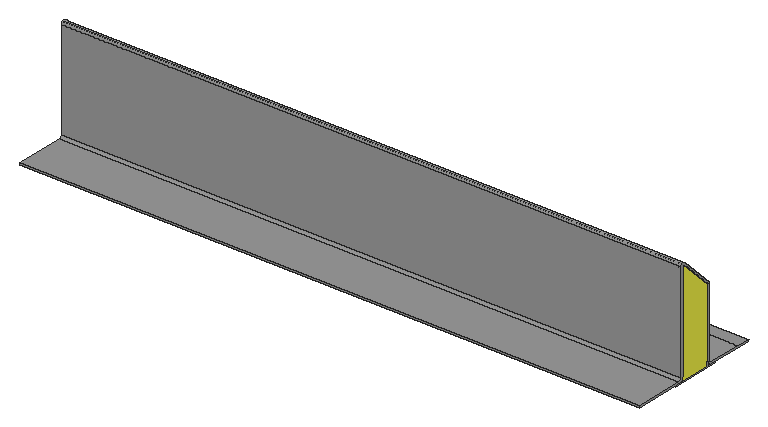
Revit family "XHD K 70", category Generic Models, Revit 2014
Parameters (values of type "Max lintel length 2700mm")
  URL = "http://www.keystonelintels.co.uk"
  Structural Opening [instance] = 900 mm
  Structural Performance = "The Keystone lintel range has safe working loads as detailed in each applicable loading table in the Keystone Lintel Guide brochure. The structural performance figures within each table have been ascertained by testing in accordance with the requirements of standards BS EN 5977-2: 1983 and BS EN 845-2: 2003."
  RIBA Productor Selector = "available for Keystone Lintels Ltd from Keystone Lintels Ltd from ribaproductselector.com"
  Model = "XHD/K 70"
  Min Length = 600 mm
  Min Clear Span = 300 mm
  Max Length = 2700 mm
  Max Clear Span = 2700 mm
  Material - Stainless Steel = "Grade 304 2b 1.4307 to BS EN 10088-2. Other grades available on request: contact manufacturer."
  Material - Galvanised Steel = "To BS EN 10346: 2009. DX51D plus Z600 or grade Z275 to BS 5977-2: 1983 (BS EN 845-2: 2003)."
  Manufacturer = "Keystone"
  Manufactured Length [instance] = (roundup(Effective Length / 150 mm) * 150 mm)  # 1200 mm
  Lintel height [instance] = 2100 mm
  Keynote = "F30/755"
  Fire Performance = "Keystone lintels have been subjected to a fire test (WARRES No. 101263) in accordance with BS 476-20: 1987, at Exova Warrington Fire and achieved a one hour fire performance."
  End Bearing = 150 mm
  Effective Length [instance] = Clear Opening with MIN MAX set + End Bearing * 2  # 1200 mm
  Corrosion = "Keystone’s standard range of lintels are manufactured from high quality grade pre-galvanized carbon steel with a zinc coating of 600"
  Contact Tel = "+44 (0)28 8676 2184"
  Contact Email = "info@keystonelintels.co.uk"
  Clear Opening with MIN MAX set [instance] = if(Structural Opening < Min Clear Span, Min Clear Span, (if(Structural Opening > Max Clear Span, Max Clear Span, Structural Opening)))  # 900 mm
  CPD Information = "Available for Keystone Lintels Ltd from ribacpd.com"
Reference planes
  plane 1 "Center (Front/Back)": y = 0
  plane 2: z = 0
  plane 3 "Center (Left/Right)": x = 0
  plane 4: x = -600
  plane 5: x = 600
  plane 6: z = 2100
  plane 7: x = -450
  plane 8: x = 450
Forms (mm)
  Extrusion 1, solid, material "Steel"
    sketch origin (0, 713.071, -508.221) x (0, 1, 0) y (0, 0, 1)
      loop
        line (-610.545, 2608.221) -> (-585.603, 2607.309) -> (-585.486, 2610.506) -> (-610.486, 2611.421) -> (-675.486, 2611.421)
        arc (-675.486, 2611.421) -> (-679.022, 2612.886) -> (-680.486, 2616.421) r 5
        line (-680.486, 2616.421) -> (-680.486, 2750.375)
        arc (-680.486, 2750.375) -> (-680.881, 2752.363) -> (-682.007, 2754.049) r 5.2
        line (-682.007, 2754.049) -> (-739.607, 2811.735)
        arc (-739.607, 2811.735) -> (-745.274, 2812.866) -> (-748.486, 2808.061) r 5.2
        line (-748.486, 2808.061) -> (-748.486, 2616.421)
        arc (-748.486, 2616.421) -> (-749.951, 2612.886) -> (-753.486, 2611.421) r 5
        line (-753.486, 2611.421) -> (-848.486, 2611.421) -> (-848.486, 2608.221) -> (-753.486, 2608.221)
        arc (-753.486, 2608.221) -> (-747.688, 2610.623) -> (-745.286, 2616.421) r 8.2
        line (-745.286, 2616.421) -> (-745.286, 2808.061)
        arc (-745.286, 2808.061) -> (-744.051, 2809.909) -> (-741.871, 2809.474) r 2
        line (-741.871, 2809.474) -> (-684.271, 2751.788)
        arc (-684.271, 2751.788) -> (-683.838, 2751.14) -> (-683.686, 2750.375) r 2
        line (-683.686, 2750.375) -> (-683.686, 2616.421)
        arc (-683.686, 2616.421) -> (-681.284, 2610.623) -> (-675.486, 2608.221) r 8.2
        line (-675.486, 2608.221) -> (-610.545, 2608.221)
    from -600 to 600
  Extrusion 2, solid, material "Steel"
    sketch origin (0, 713.071, -508.221) x (0, 1, 0) y (0, 0, 1)
      loop
        line (-666.986, 2607.221) -> (-666.986, 2608.221) -> (-683.986, 2608.221) -> (-683.986, 2616.221) -> (-684.986, 2616.221) -> (-684.986, 2608.221) -> (-761.986, 2608.221) -> (-761.986, 2607.221) -> (-666.986, 2607.221)
    from -600 to 600
  Extrusion 3, solid, material "Insulation"
    sketch origin (0, 713.071, -508.221) x (0, 1, 0) y (0, 0, 1)
      loop
        line (-683.686, 2616.421) -> (-683.686, 2750.375)
        arc (-683.686, 2750.375) -> (-683.838, 2751.14) -> (-684.271, 2751.788) r 2
        line (-684.271, 2751.788) -> (-741.871, 2809.474)
        arc (-741.871, 2809.474) -> (-744.051, 2809.909) -> (-745.286, 2808.061) r 2
        line (-745.286, 2808.061) -> (-745.286, 2616.421)
        arc (-745.286, 2616.421) -> (-747.688, 2610.623) -> (-753.486, 2608.221) r 8.2
        line (-753.486, 2608.221) -> (-684.986, 2608.221) -> (-684.986, 2616.221) -> (-683.986, 2616.221) -> (-683.986, 2608.221) -> (-675.486, 2608.221)
        arc (-675.486, 2608.221) -> (-681.284, 2610.623) -> (-683.686, 2616.421) r 8.2
    from -600 to 600
  Extrusion 4, solid, not visible
    sketch origin (0, 1023.531, 1265.33) x (0, 1, 0) y (0, 0, 1)
      loop
        line (-610.545, 1008.221) -> (-585.603, 1007.309) -> (-585.486, 1010.506) -> (-610.486, 1011.421) -> (-675.486, 1011.421)
        arc (-675.486, 1011.421) -> (-679.022, 1012.886) -> (-680.486, 1016.421) r 5
        line (-680.486, 1016.421) -> (-680.486, 1150.375)
        arc (-680.486, 1150.375) -> (-680.881, 1152.363) -> (-682.007, 1154.049) r 5.2
        line (-682.007, 1154.049) -> (-739.607, 1211.735)
        arc (-739.607, 1211.735) -> (-745.274, 1212.866) -> (-748.486, 1208.061) r 5.2
        line (-748.486, 1208.061) -> (-748.486, 1016.421)
        arc (-748.486, 1016.421) -> (-749.951, 1012.886) -> (-753.486, 1011.421) r 5
        line (-753.486, 1011.421) -> (-848.486, 1011.421) -> (-848.486, 1008.221) -> (-753.486, 1008.221)
        arc (-753.486, 1008.221) -> (-747.688, 1010.623) -> (-745.286, 1016.421) r 8.2
        line (-745.286, 1016.421) -> (-745.286, 1208.061)
        arc (-745.286, 1208.061) -> (-744.051, 1209.909) -> (-741.871, 1209.474) r 2
        line (-741.871, 1209.474) -> (-684.271, 1151.788)
        arc (-684.271, 1151.788) -> (-683.838, 1151.14) -> (-683.686, 1150.375) r 2
        line (-683.686, 1150.375) -> (-683.686, 1016.421)
        arc (-683.686, 1016.421) -> (-681.284, 1010.623) -> (-675.486, 1008.221) r 8.2
        line (-675.486, 1008.221) -> (-610.545, 1008.221)
    from 0 to 250
  Extrusion 5, solid, not visible
    sketch origin (0, 571.521, 1198.597) x (0, 1, 0) y (0, 0, 1)
      loop
        line (-666.986, 1007.221) -> (-666.986, 1008.221) -> (-683.986, 1008.221) -> (-683.986, 1016.221) -> (-684.986, 1016.221) -> (-684.986, 1008.221) -> (-761.986, 1008.221) -> (-761.986, 1007.221) -> (-666.986, 1007.221)
    from 0 to 250
  Extrusion 6, solid, not visible
    sketch origin (0, 912.252, 724.097) x (0, 1, 0) y (0, 0, 1)
      loop
        line (-683.686, 1016.421) -> (-683.686, 1150.375)
        arc (-683.686, 1150.375) -> (-683.838, 1151.14) -> (-684.271, 1151.788) r 2
        line (-684.271, 1151.788) -> (-741.871, 1209.474)
        arc (-741.871, 1209.474) -> (-744.051, 1209.909) -> (-745.286, 1208.061) r 2
        line (-745.286, 1208.061) -> (-745.286, 1016.421)
        arc (-745.286, 1016.421) -> (-747.688, 1010.623) -> (-753.486, 1008.221) r 8.2
        line (-753.486, 1008.221) -> (-684.986, 1008.221) -> (-684.986, 1016.221) -> (-683.986, 1016.221) -> (-683.986, 1008.221) -> (-675.486, 1008.221)
        arc (-675.486, 1008.221) -> (-681.284, 1010.623) -> (-683.686, 1016.421) r 8.2
    from 0 to 250
Dimensions and locks
  equal spacing: plane 4, plane 3 "Center (Left/Right)", plane 5
  "Manufactured Length": plane 4 to plane 5
  "Lintel height": plane 6 to level
  "Structural Opening": plane 7 to plane 8
  equal spacing: plane 7, plane 3 "Center (Left/Right)", plane 8
  aligned and locked: level to plane 2
  aligned and locked: Extrusion 1 to plane 6
  aligned and locked: Extrusion 3 to plane 6
  aligned and locked: plane 6 to Extrusion 2
  aligned and locked: plane 5 to Extrusion 1
  aligned and locked: Extrusion 1 to plane 4
  aligned and locked: plane 5 to Extrusion 3
  aligned and locked: Extrusion 3 to plane 4
  aligned and locked: plane 5 to Extrusion 2
  aligned and locked: Extrusion 2 to plane 4
Automatic sketch dimensions
  Extrusion 1 sketch curve to Extrusion 1 sketch curve = 64.941 mm
  Extrusion 1 sketch curve to Extrusion 1 sketch curve = 24.941 mm
  Extrusion 1 sketch curve to Extrusion 1 sketch curve = 0.913 mm
  Extrusion 1 sketch curve to Extrusion 1 sketch curve = 0.117 mm
  Extrusion 1 sketch curve to Extrusion 1 sketch curve = 0.059 mm
  Extrusion 1 sketch curve to Extrusion 1 sketch curve = 5 mm  (x2)
  Extrusion 1 sketch curve to Extrusion 1 sketch curve = 133.954 mm
  Extrusion 1 sketch curve to Extrusion 1 sketch curve = 2 mm
  Extrusion 1 sketch curve to Extrusion 1 sketch curve = 0.585 mm
  Extrusion 1 sketch curve to Extrusion 1 sketch curve = 57.6 mm
  Extrusion 1 sketch curve to Extrusion 1 sketch curve = 57.686 mm
  Extrusion 1 sketch curve to Extrusion 1 sketch curve = 2.264 mm  (x2)
  Extrusion 1 sketch curve to Extrusion 1 sketch curve = 2.261 mm
  Extrusion 1 sketch curve to Extrusion 1 sketch curve = 1.415 mm
  Extrusion 1 sketch curve to Extrusion 1 sketch curve = 1.413 mm
  Extrusion 1 sketch curve to Extrusion 1 sketch curve = 0 mm  (x17)
  Extrusion 1 sketch curve to Extrusion 1 sketch curve = 95 mm
  Extrusion 2 sketch curve to Extrusion 2 sketch curve = 95 mm
  Extrusion 2 sketch curve to Extrusion 2 sketch curve = 1 mm  (x2)
  Extrusion 2 sketch curve to Extrusion 2 sketch curve = 17 mm
  Extrusion 2 sketch curve to Extrusion 2 sketch curve = 8 mm
  Extrusion 2 sketch curve to Extrusion 2 sketch curve = 0 mm
  Extrusion 3 sketch curve to Extrusion 3 sketch curve = 8.2 mm  (x3)
  Extrusion 3 sketch curve to Extrusion 3 sketch curve = 0.3 mm
  Extrusion 3 sketch curve to Extrusion 3 sketch curve = 0 mm  (x3)
  Extrusion 3 sketch curve to Extrusion 3 sketch curve = 0.2 mm
  Extrusion 3 sketch curve to Extrusion 3 sketch curve = 1 mm
  Extrusion 3 sketch curve to Extrusion 3 sketch curve = 133.954 mm
  Extrusion 3 sketch curve to Extrusion 3 sketch curve = 68.5 mm
  Extrusion 3 sketch curve to Extrusion 3 sketch curve = 57.686 mm
  Extrusion 3 sketch curve to Extrusion 3 sketch curve = 2 mm
  Extrusion 3 sketch curve to Extrusion 3 sketch curve = 0.585 mm
  Extrusion 3 sketch curve to Extrusion 3 sketch curve = 3.415 mm
  Extrusion 3 sketch curve to Extrusion 3 sketch curve = 1.413 mm
  Extrusion 3 sketch curve to Extrusion 3 sketch curve = 8 mm
  Extrusion 4 sketch curve to Extrusion 4 sketch curve = 64.941 mm
  Extrusion 4 sketch curve to Extrusion 4 sketch curve = 24.941 mm
  Extrusion 4 sketch curve to Extrusion 4 sketch curve = 0.913 mm
  Extrusion 4 sketch curve to Extrusion 4 sketch curve = 0.117 mm
  Extrusion 4 sketch curve to Extrusion 4 sketch curve = 0.059 mm
  Extrusion 4 sketch curve to Extrusion 4 sketch curve = 5 mm  (x2)
  Extrusion 4 sketch curve to Extrusion 4 sketch curve = 0 mm  (x17)
  Extrusion 4 sketch curve to Extrusion 4 sketch curve = 133.954 mm
  Extrusion 4 sketch curve to Extrusion 4 sketch curve = 2 mm
  Extrusion 4 sketch curve to Extrusion 4 sketch curve = 0.585 mm
  Extrusion 4 sketch curve to Extrusion 4 sketch curve = 57.6 mm
  Extrusion 4 sketch curve to Extrusion 4 sketch curve = 57.686 mm
  Extrusion 4 sketch curve to Extrusion 4 sketch curve = 2.264 mm  (x2)
  Extrusion 4 sketch curve to Extrusion 4 sketch curve = 2.261 mm
  Extrusion 4 sketch curve to Extrusion 4 sketch curve = 1.415 mm
  Extrusion 4 sketch curve to Extrusion 4 sketch curve = 1.413 mm
  Extrusion 4 sketch curve to Extrusion 4 sketch curve = 95 mm
  Extrusion 5 sketch curve to Extrusion 5 sketch curve = 95 mm
  Extrusion 5 sketch curve to Extrusion 5 sketch curve = 1 mm  (x2)
  Extrusion 5 sketch curve to Extrusion 5 sketch curve = 17 mm
  Extrusion 5 sketch curve to Extrusion 5 sketch curve = 8 mm
  Extrusion 5 sketch curve to Extrusion 5 sketch curve = 0 mm
  Extrusion 6 sketch curve to Extrusion 6 sketch curve = 8.2 mm  (x3)
  Extrusion 6 sketch curve to Extrusion 6 sketch curve = 0.3 mm
  Extrusion 6 sketch curve to Extrusion 6 sketch curve = 0 mm  (x3)
  Extrusion 6 sketch curve to Extrusion 6 sketch curve = 0.2 mm
  Extrusion 6 sketch curve to Extrusion 6 sketch curve = 1 mm
  Extrusion 6 sketch curve to Extrusion 6 sketch curve = 133.954 mm
  Extrusion 6 sketch curve to Extrusion 6 sketch curve = 68.5 mm
  Extrusion 6 sketch curve to Extrusion 6 sketch curve = 57.686 mm
  Extrusion 6 sketch curve to Extrusion 6 sketch curve = 2 mm
  Extrusion 6 sketch curve to Extrusion 6 sketch curve = 0.585 mm
  Extrusion 6 sketch curve to Extrusion 6 sketch curve = 3.415 mm
  Extrusion 6 sketch curve to Extrusion 6 sketch curve = 1.413 mm
  Extrusion 6 sketch curve to Extrusion 6 sketch curve = 8 mm
  Extrusion 3 sketch curve to plane 6 = 0 mm
  plane 1 "Center (Front/Back)" to Extrusion 3 sketch curve = 40.415 mm
  Extrusion 1 sketch curve to plane 6 = 0 mm
  plane 1 "Center (Front/Back)" to Extrusion 1 sketch curve = 135.415 mm
  Extrusion 2 sketch curve to plane 6 = 0 mm
  plane 1 "Center (Front/Back)" to Extrusion 2 sketch curve = 48.915 mm
